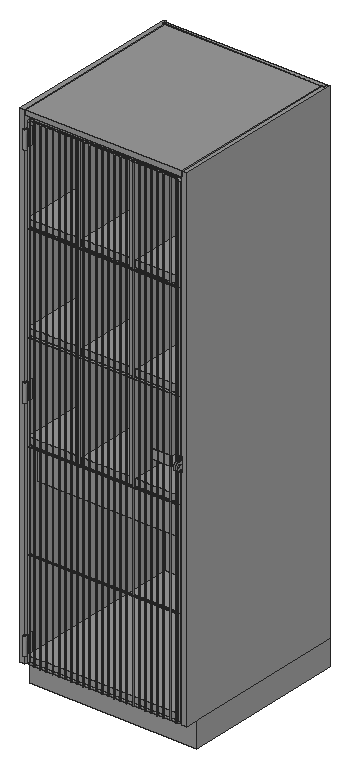
Revit family "TMI_M3012-Music_Wire Grille Doors1", category Casework, Revit 2016
Family settings
  OmniClass Number = 23.40.35.14.11
  OmniClass Title = Modular Casework
  Work Plane-Based = No
  Always vertical = Yes
  Cut with Voids When Loaded = No
  Shared = No
  Room Calculation Point = No
Parameters (values of type "27" x 84-1/2" x 29"")
  URL = "www.tmisystems.com"
  Toe Kick Height = 4"
  Toe Kick Depth = 2"
  Shelf Thickness = 1 1/8"
  Model = "M3012/M5012"
  Manufacturer = "TMI Systems Corporation"
  Interior Finish = none
  Individual Wire Grille Doors [instance] = not(Full Height Wire Grille Door)  # no
  Full Height Wire Grille Door [instance] = yes
  Filler Width (Hinge) [instance] = 3"
  Filler (Pull Side) [instance] = no
  Filler (Hinge Side) [instance] = no
  Filler Width (Pull) [instance] = 3"
  Description = "Clarinet, Flute, Oboe, Piccolo *Top* Alto Horn, French Horn, Share Drum *Bottom*"
  Depth = 29"
  Height = 84 1/2"
  Width = 27"
  Casework Thickness = 3/4"
  Casework Back Thickness = 1/2"
  Cabinet Finish = Plastic Laminate
  Assembly Code = ""
Reference planes (in)
  plane 1 "Back": y = 15
  plane 2: z = 0
  plane 3 "Center (Left/Right)": x = 0.7377
  plane 4 "Left": x = -12.7623
  plane 5 "Right": x = 14.2377
  plane 6 "Front": y = -14
  plane 7 "Top": z = 84.5
  plane 8: y = 14.375
  plane 9: x = -12.0123
  plane 10: x = 13.4877
  plane 11: z = 83.75
  plane 12: y = 14.875
  plane 13: y = -12
  plane 14: z = 4
  plane 15: z = 5.125
  plane 16: y = -13.61906
  plane 17: z = 68.625
  plane 18: z = 52.75
  plane 19: y = -11.25
  plane 20: y = -13.25
  plane 21: x = -4.0123
  plane 22: x = -3.2623
  plane 23: x = -3.6373
  plane 24: x = 5.4877
  plane 25: x = 4.7377
  plane 26: x = 5.1127
  plane 27: z = 36.875
  plane 28: z = 21
  plane 29: y = -13.49461
  plane 30: z = 83.25
  plane 31: x = 13.8627
  plane 32: x = -12.3873
  plane 33: z = 29.49375
  plane 34: y = -13.60344
  plane 35: y = -11.625
  plane 36: y = -10.875
Forms (in)
  Extrusion 1, solid, material "Plastic Laminate" <- "Cabinet Finish"
    sketch origin (0, 0.21844, 0) x (1, 0, 0) y (0, 1, 0)
      loop
        line (-12.7623, 14.78156) -> (-12.7623, -14.21844) -> (-12.0123, -14.21844) -> (-12.0123, 14.15656) -> (-12.38677, 14.15656) -> (-12.38677, 14.78156) -> (-12.7623, 14.78156)
      loop
        line (13.86077, 14.78156) -> (13.86077, 14.15656) -> (13.4877, 14.15656) -> (13.4877, -14.21844) -> (14.2377, -14.21844) -> (14.2377, 14.78156) -> (13.86077, 14.78156)
    from 4 to 84.5
  Extrusion 2, solid, material "Plastic Laminate" <- "Cabinet Finish"
    sketch origin (0.84915, 11.94613, -1.44731) x (1, 0, 0) y (0, 0, 1)
      loop
        line (-12.86145, 6.57231) -> (-12.86145, 5.44731) -> (12.63855, 5.44731) -> (12.63855, 6.57231) -> (-12.86145, 6.57231)
    from -2.42887 to 25.54956
  Extrusion 3, solid, material "Plastic Laminate" <- "Cabinet Finish"
    sketch origin (0, 0, 0) x (1, 0, 0) y (0, 1, 0)
      loop
        line (-12.38677, 14.875) -> (-12.38677, 14.375) -> (13.86077, 14.375) -> (13.86077, 14.875) -> (-12.38677, 14.875)
    from 84.5 to 4
  Extrusion 4, solid, material "Plastic Laminate" <- "Cabinet Finish", visible <- "Filler (Pull Side)"
    sketch origin (0, -14, 0) x (1, 0, 0) y (0, 0, 1)
      loop
        line (14.2377, 84.5) -> (14.2377, 4) -> (17.2377, 4) -> (17.2377, 84.5) -> (14.2377, 84.5)
    from -0.75 to 0
  Extrusion 5, solid, material "Plastic Laminate" <- "Cabinet Finish", visible <- "Filler (Hinge Side)"
    sketch origin (0, -14, 0) x (1, 0, 0) y (0, 0, 1)
      loop
        line (-15.7623, 84.5) -> (-15.7623, 4) -> (-12.7623, 4) -> (-12.7623, 84.5) -> (-15.7623, 84.5)
    from -0.75 to 0
  Extrusion 6, solid, material "Wood"
    sketch origin (0, 0, 0) x (1, 0, 0) y (0, 0, 1)
      loop
        line (14.2377, 4) -> (-12.7623, 4) -> (-12.7623, 0) -> (14.2377, 0) -> (14.2377, 4)
    from -15 to 12
  Extrusion 7, solid, material "Wood", visible <- "Filler (Pull Side)"
    sketch origin (0, 0, 0) x (1, 0, 0) y (0, 0, 1)
      loop
        line (17.2377, 4) -> (14.2377, 4) -> (14.2377, 0) -> (17.2377, 0) -> (17.2377, 4)
    from 11.25 to 12
  Extrusion 8, solid, material "Wood", visible <- "Filler (Hinge Side)"
    sketch origin (0, 0, 0) x (1, 0, 0) y (0, 0, 1)
      loop
        line (-12.7623, 4) -> (-15.7623, 4) -> (-15.7623, 0) -> (-12.7623, 0) -> (-12.7623, 4)
    from 11.25 to 12
  Extrusion 9, solid, material "Plastic Laminate" <- "Cabinet Finish", visible <- "Full Height Wire Grille Door"
    sketch origin (-6, -14, 0) x (1, 0, 0) y (0, 0, 1)
      loop
        line (1.9877, 83.75) -> (1.9877, 35.75) -> (2.7377, 35.75) -> (2.7377, 83.75) -> (1.9877, 83.75)
    from -28.375 to -0.38094
  Extrusion 10, solid, material "Plastic Laminate" <- "Cabinet Finish"
    sketch origin (0, -14, 0) x (1, 0, 0) y (0, 0, 1)
      loop
        line (-12.0123, 68.625) -> (-12.0123, 67.5) -> (13.4877, 67.5) -> (13.4877, 68.625) -> (-12.0123, 68.625)
      loop
        line (-12.0123, 52.75) -> (-12.0123, 51.625) -> (13.4877, 51.625) -> (13.4877, 52.75) -> (-12.0123, 52.75)
      loop
        line (-12.0123, 36.875) -> (-12.0123, 35.75) -> (13.4877, 35.75) -> (13.4877, 36.875) -> (-12.0123, 36.875)
    from -28.375 to -0.50539
  Extrusion 11, solid, material "Plastic Laminate" <- "Cabinet Finish", visible <- "Full Height Wire Grille Door"
    sketch origin (67.5, -14, 0) x (1, 0, 0) y (0, 0, 1)
      loop
        line (-62.7623, 83.75) -> (-62.7623, 35.75) -> (-62.0123, 35.75) -> (-62.0123, 83.75) -> (-62.7623, 83.75)
    from -28.375 to -0.38094
  Extrusion 12, solid, material "Plastic Laminate" <- "Cabinet Finish"
    sketch origin (0, 15, 0) x (1, 0, 0) y (0, 0, 1)
      loop
        line (-12.0123, 84.5) -> (-12.0123, 83.75) -> (13.4877, 83.75) -> (13.4877, 84.5) -> (-12.0123, 84.5)
    from 0.625 to 29
  Extrusion 13, solid, material "Plastic Laminate" <- "Cabinet Finish", visible <- "Individual Wire Grille Doors"
    sketch origin (34, -14, 0) x (1, 0, 0) y (0, 0, 1)
      loop
        line (-38.0123, 83.75) -> (-38.0123, 35.75) -> (-37.2623, 35.75) -> (-37.2623, 83.75) -> (-38.0123, 83.75)
    from -28.375 to 0
  Extrusion 14, solid, material "Plastic Laminate" <- "Cabinet Finish", visible <- "Individual Wire Grille Doors"
    sketch origin (107.5, -14, 0) x (1, 0, 0) y (0, 0, 1)
      loop
        line (-102.7623, 83.75) -> (-102.7623, 35.75) -> (-102.0123, 35.75) -> (-102.0123, 83.75) -> (-102.7623, 83.75)
    from -28.375 to 0
  Extrusion 15, solid, material "Plastic Laminate" <- "Cabinet Finish"
    sketch origin (0, 0, 0) x (1, 0, 0) y (0, 1, 0)
      loop
        line (13.4877, -10.875) -> (-12.0123, -10.875) -> (-12.0123, -11.625) -> (13.4877, -11.625) -> (13.4877, -10.875)
    from 29.49375 to 35.75
Lines and regions (in)
  Masking region 1
    outline origin (44.5, 0, 0) x (1, 0, 0) y (0, 1, 0)
      loop
        line (-57.2623, 15) -> (-57.2623, -14) -> (-30.2623, -14) -> (-30.2623, 15) -> (-57.2623, 15)
  Masking region 2, visible <- "Filler (Hinge Side)"
    outline origin (0, 0, 0) x (1, 0, 0) y (0, 1, 0)
      loop
        line (-15.7623, -13.25) -> (-15.7623, -14) -> (-12.7623, -14) -> (-12.7623, -13.25) -> (-15.7623, -13.25)
  Masking region 3, visible <- "Filler (Pull Side)"
    outline origin (0, 0, 0) x (1, 0, 0) y (0, 1, 0)
      loop
        line (14.2377, -13.25) -> (14.2377, -14) -> (17.2377, -14) -> (17.2377, -13.25) -> (14.2377, -13.25)
  symbolic lines, style "CaseworkHiddenLines"
    curve 1: line (-4.8248, -14, 0) -> (-4.9498, -14, 0)
    curve 2: line (4.1752, -14, 0) -> (4.0502, -14, 0)
    curve 3: line (6.3002, -14, 0) -> (6.4252, -14, 0)
Dimensions and locks (in)
  "Width": plane 4 "Left" to plane 5 "Right"
  equal spacing: plane 4 "Left", plane 3 "Center (Left/Right)", plane 5 "Right"
  "Casework Thickness": plane 4 "Left" to plane 9
  "Casework Thickness": plane 10 to plane 5 "Right"
  "Casework Thickness": plane 7 "Top" to plane 11
  "Filler Width (Pull)": plane 5 "Right" to Extrusion 4
  "Filler Width (Hinge)": Extrusion 5 to plane 4 "Left"
  "Depth": plane 6 "Front" to plane 1 "Back"
  locked: plane 12 to plane 1 "Back" at 0.125
  "Toe Kick Depth": plane 13 to plane 6 "Front"
  "Toe Kick Height": plane 14 to level
  "Height": plane 7 "Top" to level
  locked: plane 6 "Front" to plane 16 at 0.38094
  locked: plane 6 "Front" to plane 20 at 0.75
  locked: plane 19 to plane 13 at 0.75
  equal spacing: plane 22, plane 23, plane 21
  "Casework Thickness": plane 22 to plane 21
  equal spacing: plane 25, plane 26, plane 24
  "Casework Thickness": plane 25 to plane 24
  plane 16 to plane 29 = 0.12445"
  locked: plane 11 to plane 30 at 0.5
  equal spacing: plane 32, plane 23, plane 26, plane 31
  equal spacing: plane 4 "Left", plane 32, plane 9
  equal spacing: plane 10, plane 31, plane 5 "Right"
  "Casework Back Thickness": plane 12 to plane 8
  "Shelf Thickness": plane 17 to Extrusion 10
  "Shelf Thickness": plane 18 to Extrusion 10
  "Shelf Thickness": plane 27 to Extrusion 10
  Extrusion 15 sketch curve to plane 29 = 2.61961"
  "Shelf Thickness": plane 15 to plane 14
  equal spacing: plane 7 "Top", plane 17, plane 18, plane 27, plane 28, plane 15
  locked: Extrusion 15 to plane 33 at 6.25625
  locked: plane 16 to plane 34 at 0.01562
  plane 6 "Front" to plane 35 to plane 36 = 2 3/8" locked, 3/4" locked
  aligned and locked: plane 2 to level
  aligned and locked: Extrusion 1 sketch curve to plane 4 "Left"
  aligned and locked: Extrusion 1 sketch curve to plane 9
  aligned and locked: Extrusion 1 sketch curve to plane 10
  aligned and locked: Extrusion 1 sketch curve to plane 5 "Right"
  aligned and locked: Extrusion 1 to plane 1 "Back"  (x2)
  aligned and locked: plane 8 to Extrusion 3 sketch curve
  aligned and locked: Extrusion 1 to plane 7 "Top"
  aligned and locked: plane 7 "Top" to Extrusion 4 sketch curve
  aligned and locked: Extrusion 4 sketch curve to plane 5 "Right"
  aligned and locked: plane 7 "Top" to Extrusion 5 sketch curve
  aligned and locked: Extrusion 7 to Extrusion 6
  aligned and locked: Extrusion 8 to Extrusion 6
  aligned and locked: plane 14 to Extrusion 8
  aligned and locked: plane 14 to Extrusion 6
  aligned and locked: plane 14 to Extrusion 7
  aligned and locked: Extrusion 4 to plane 14
  aligned and locked: Extrusion 5 to plane 14
  aligned and locked: Extrusion 1 to plane 14
  aligned and locked: Extrusion 2 to plane 14
  aligned and locked: plane 15 to Extrusion 2
  aligned and locked: Extrusion 6 to Extrusion 1
  aligned and locked: plane 1 "Back" to Masking region 1 sketch curve
  aligned and locked: Extrusion 8 to plane 13
  aligned and locked: plane 11 to Extrusion 9 sketch curve
  aligned and locked: plane 9 to Extrusion 10 sketch curve  (x3)
  aligned and locked: plane 10 to Extrusion 10 sketch curve
  aligned and locked: Extrusion 10 sketch curve to plane 10  (x2)
  aligned and locked: plane 8 to Extrusion 10
  aligned and locked: plane 4 "Left" to Masking region 2 sketch curve
  aligned and locked: Masking region 3 sketch curve to plane 5 "Right"
  aligned and locked: Extrusion 10 to plane 17  (x2)
  aligned and locked: plane 18 to Extrusion 10  (x2)
  aligned and locked: plane 6 "Front" to Extrusion 1  (x2)
  aligned and locked: plane 6 "Front" to Extrusion 4
  aligned and locked: plane 6 "Front" to Extrusion 5
  aligned and locked: Extrusion 7 to plane 19
  aligned and locked: Extrusion 4 to plane 20
  aligned and locked: Extrusion 5 to plane 20
  aligned and locked: plane 19 to Extrusion 8
  aligned and locked: Extrusion 8 to Extrusion 5
  aligned and locked: Masking region 2 to Extrusion 5
  aligned and locked: Masking region 2 to plane 20
  aligned and locked: Extrusion 4 to Extrusion 7
  aligned and locked: Masking region 3 to Extrusion 4
  aligned and locked: Masking region 3 to plane 20
  aligned and locked: Extrusion 10 to plane 27
  aligned and locked: Extrusion 2 to plane 9
  aligned and locked: Extrusion 10 to plane 29
  aligned and locked: plane 16 to Extrusion 11
  aligned and locked: Extrusion 2 to plane 10
  aligned and locked: plane 8 to Extrusion 11
  aligned and locked: Extrusion 12 sketch curve to plane 11
  aligned and locked: plane 9 to Extrusion 12 sketch curve
  aligned and locked: Extrusion 12 sketch curve to plane 10
  aligned and locked: plane 6 "Front" to Extrusion 12
  aligned and locked: Extrusion 11 to plane 25
  aligned and locked: Extrusion 11 to plane 24
  aligned and locked: plane 9 to Extrusion 1
  aligned and locked: plane 6 "Front" to Masking region 1
  aligned and locked: plane 9 to nested 3
  aligned and locked: plane 9 to nested 6
  aligned and locked: nested 2 to plane 22
  aligned and locked: nested 1 to plane 24
  aligned and locked: nested 5 to plane 22
  aligned and locked: nested 4 to plane 24
  aligned and locked: plane 9 to nested 9
  aligned and locked: nested 8 to plane 22
  aligned and locked: nested 7 to plane 24
  aligned and locked: nested 1 to plane 6 "Front"
  aligned and locked: nested 7 to plane 6 "Front"
  aligned and locked: nested 4 to plane 6 "Front"
  aligned and locked: nested 8 to plane 6 "Front"
  aligned and locked: nested 5 to plane 6 "Front"
  aligned and locked: nested 2 to plane 6 "Front"
  aligned and locked: nested 9 to plane 6 "Front"
  aligned and locked: nested 6 to plane 6 "Front"
  aligned and locked: nested 3 to plane 6 "Front"
  aligned and locked: Extrusion 12 to plane 7 "Top"
  aligned and locked: plane 8 to Extrusion 12
  aligned and locked: Extrusion 3 to Extrusion 1  (x2)
  aligned and locked: plane 8 to Extrusion 2
  aligned and locked: Extrusion 3 to plane 14
  aligned and locked: Extrusion 10 to nested 1
  aligned and locked: Extrusion 10 to nested 4
  aligned and locked: Extrusion 10 to nested 2
  aligned and locked: Extrusion 10 to nested 5
  aligned and locked: Extrusion 10 to nested 6
  aligned and locked: Extrusion 10 to nested 3
  aligned and locked: nested 10 to plane 6 "Front"
  aligned and locked: plane 9 to nested 10
  aligned and locked: Extrusion 3 to plane 7 "Top"
  aligned and locked: plane 6 "Front" to Extrusion 13
  aligned and locked: plane 6 "Front" to Extrusion 14
  aligned and locked: Extrusion 13 to plane 21
  aligned and locked: plane 8 to Extrusion 13
  aligned and locked: plane 8 to Extrusion 14
  aligned and locked: Extrusion 14 to plane 25
  aligned and locked: Extrusion 14 to plane 11  (x2)
  aligned and locked: Extrusion 13 to plane 22
  aligned and locked: Extrusion 14 to plane 24
  aligned and locked: plane 30 to nested 7
  aligned and locked: plane 30 to nested 9
  aligned and locked: plane 30 to nested 8
  aligned and locked: Extrusion 15 sketch curve to plane 9
  aligned and locked: Extrusion 15 sketch curve to plane 10
  aligned and locked: nested 11 to plane 6 "Front"
  aligned and locked: plane 9 to nested 11
  aligned and locked: plane 8 to Extrusion 9
  aligned and locked: nested 11 to plane 14
  aligned and locked: nested 10 to plane 14
  aligned and locked: plane 30 to nested 10
  aligned and locked: plane 34 to Extrusion 2
  aligned and locked: Extrusion 15 to plane 36
  aligned and locked: Extrusion 15 to plane 35
Automatic sketch dimensions
  curve 1 to level = 0"
  curve 2 to level = 0"
  curve 3 to level = 0"
  curve 1 to plane 21 = 15/16"
  curve 1 to curve 1 = 1/8"
  curve 2 to plane 25 = 11/16"
  curve 2 to curve 2 = 1/8"
  curve 3 to plane 24 = 13/16"
  curve 3 to curve 3 = 1/8"
  plane 1 "Back" to Extrusion 1 sketch curve = 0"  (x2)
  Extrusion 1 sketch curve to plane 8 = 0"  (x2)
  plane 6 "Front" to Extrusion 1 sketch curve = 0"  (x2)
  Extrusion 1 sketch curve to plane 32 = 0.00052"
  plane 31 to Extrusion 1 sketch curve = 0.00194"
  Extrusion 2 sketch curve to plane 9 = 0"
  plane 10 to Extrusion 2 sketch curve = 0"
  Extrusion 2 sketch curve to plane 14 = 0"
  Extrusion 2 sketch curve to plane 15 = 0"
  Extrusion 3 sketch curve to plane 12 = 0"
  Extrusion 3 sketch curve to plane 32 = 0.00052"
  plane 31 to Extrusion 3 sketch curve = 0.00194"
  Extrusion 4 sketch curve to plane 14 = 0"
  Extrusion 4 sketch curve to plane 5 "Right" = 3"
  Extrusion 5 sketch curve to plane 14 = 0"
  plane 4 "Left" to Extrusion 5 sketch curve = 0"
  Extrusion 5 sketch curve to Extrusion 5 sketch curve = 3"
  plane 4 "Left" to Extrusion 6 sketch curve = 0"
  Extrusion 6 sketch curve to level = 0"
  plane 5 "Right" to Extrusion 6 sketch curve = 0"
  Extrusion 6 sketch curve to plane 14 = 0"
  plane 5 "Right" to Extrusion 7 sketch curve = 0"
  Extrusion 7 sketch curve to level = 0"
  Extrusion 7 sketch curve to plane 14 = 0"
  Extrusion 7 sketch curve to plane 5 "Right" = 3"
  Extrusion 8 sketch curve to plane 14 = 0"
  Extrusion 8 sketch curve to level = 0"
  plane 4 "Left" to Extrusion 8 sketch curve = 0"
  Extrusion 8 sketch curve to Extrusion 8 sketch curve = 3"
  Masking region 1 sketch curve to plane 4 "Left" = 0"
  Masking region 1 sketch curve to plane 5 "Right" = 0"
  plane 6 "Front" to Masking region 1 sketch curve = 0"
  Extrusion 9 sketch curve to plane 21 = 0"
  plane 22 to Extrusion 9 sketch curve = 0"
  Extrusion 10 sketch curve to plane 27 = 0"
  Extrusion 10 sketch curve to plane 18 = 0"
  Extrusion 10 sketch curve to plane 17 = 0"
  plane 6 "Front" to Masking region 2 sketch curve = 0"
  plane 20 to Masking region 2 sketch curve = 0"
  plane 4 "Left" to Masking region 2 sketch curve = 3"
  plane 6 "Front" to Masking region 3 sketch curve = 0"
  plane 20 to Masking region 3 sketch curve = 0"
  Masking region 3 sketch curve to Masking region 3 sketch curve = 3"
  plane 15 to Extrusion 11 sketch curve = 30 5/8"
  Extrusion 11 sketch curve to plane 25 = 0"
  plane 24 to Extrusion 11 sketch curve = 0"
  Extrusion 11 sketch curve to plane 11 = 0"
  Extrusion 12 sketch curve to plane 7 "Top" = 0"
  plane 15 to Extrusion 13 sketch curve = 30 5/8"
  Extrusion 13 sketch curve to plane 11 = 0"
  plane 5 "Right" to Extrusion 13 sketch curve = 18 1/4"
  Extrusion 13 sketch curve to Extrusion 13 sketch curve = 3/4"
  plane 15 to Extrusion 14 sketch curve = 30 5/8"
  Extrusion 14 sketch curve to plane 11 = 0"
  plane 5 "Right" to Extrusion 14 sketch curve = 9 1/2"
  Extrusion 14 sketch curve to Extrusion 14 sketch curve = 3/4"
  Extrusion 10 sketch curve to Extrusion 10 sketch curve = 1 1/8"
  Extrusion 10 sketch curve to plane 18 = 1 1/8"
  plane 17 to Extrusion 10 sketch curve = 1 1/8"
  plane 15 to Extrusion 9 sketch curve = 30 5/8"
  plane 29 to Extrusion 15 sketch curve = 1.86961"
Nested families (in)
  nested 1: "Individual Wire Grille Doors 27in Wide" at (9.48685, -13.76369, 35.75), visible <- "Individual Wire Grille Doors", type "Individual Wire Grille Doors 27in Wide"
    with Number of Verticle Bars 6, Bar Spacing 1"
  nested 2: "Individual Wire Grille Doors 27in Wide" at (0.73685, -13.76369, 35.75), visible <- "Individual Wire Grille Doors", type "Individual Wire Grille Doors 27in Wide"
    with Number of Verticle Bars 6, Bar Spacing 1"
  nested 3: "Individual Wire Grille Doors 27in Wide" at (-8.01315, -13.76369, 35.75), visible <- "Individual Wire Grille Doors", type "Individual Wire Grille Doors 27in Wide"
    with Number of Verticle Bars 6, Bar Spacing 1"
  nested 4: "Individual Wire Grille Doors 27in Wide" at (9.48685, -13.76369, 51.625), visible <- "Individual Wire Grille Doors", type "Individual Wire Grille Doors 27in Wide"
    with Number of Verticle Bars 6, Bar Spacing 1"
  nested 5: "Individual Wire Grille Doors 27in Wide" at (0.73685, -13.76369, 51.625), visible <- "Individual Wire Grille Doors", type "Individual Wire Grille Doors 27in Wide"
    with Number of Verticle Bars 6, Bar Spacing 1"
  nested 6: "Individual Wire Grille Doors 27in Wide" at (-8.01315, -13.76369, 51.625), visible <- "Individual Wire Grille Doors", type "Individual Wire Grille Doors 27in Wide"
    with Number of Verticle Bars 6, Bar Spacing 1"
  nested 7: "Individual Wire Grille Doors 27in Wide" at (9.48685, -13.76369, 67.625), visible <- "Individual Wire Grille Doors", type "Individual Wire Grille Doors 27in Wide"
    with Number of Verticle Bars 6, Bar Spacing 1"
  nested 8: "Individual Wire Grille Doors 27in Wide" at (0.73685, -13.76369, 67.625), visible <- "Individual Wire Grille Doors", type "Individual Wire Grille Doors 27in Wide"
    with Number of Verticle Bars 6, Bar Spacing 1"
  nested 9: "Individual Wire Grille Doors 27in Wide" at (-8.01315, -13.76369, 67.625), visible <- "Individual Wire Grille Doors", type "Individual Wire Grille Doors 27in Wide"
    with Number of Verticle Bars 6, Bar Spacing 1"
  nested 10: "Full Height Wire Grille Door 27in Wide" at (0.73685, -13.76369, 4), visible <- "Full Height Wire Grille Door", type "Full Height Wire Grille Door 27in Wide"
    with Number of Verticle Bars 24, Bar Spacing 1"
  nested 11: "Individual Wire Grille Door 27in Wide (at bottom)" at (0.73685, -13.76369, 4), visible <- "Individual Wire Grille Doors", type "Individual Wire Grille Door 27in Wide (at bottom)"
    with Number of Verticle Bars 24, Bar Spacing 1"
Definition of nested family "Individual Wire Grille Doors 27in Wide"
  Parameters (values of type "Individual Wire Grille Doors 27in Wide")
    Width = 7"
    Pull height from Bottom of Casework = 33 13/16"
    Number of Verticle Bars [instance] = (Width / Bar Spacing) - 1  # 6
    Height = 15 5/8"
    Distance of Hinge from Edge of Casework = 2 13/16"
    Bar Spacing [instance] = 1"
  Reference planes (in)
    plane 1 "Center (Front/Back)": y = 0
    plane 2: z = 0
    plane 3 "Center (Left/Right)": x = 0
    plane 4: x = -3.62415
    plane 5: x = -3.37585
    plane 6: z = 15.625
    plane 7: z = 15.375
    plane 8: z = 15.5
    plane 9: x = -3.5
    plane 10: x = 3.63138
    plane 11: x = 3.36862
    plane 12: x = 3.5
    plane 13: z = 0.25
    plane 14: z = 0.125
    plane 15: y = -0.125
    plane 16: z = 7.8125
    plane 17: y = -0.17188
    plane 18: x = -2.5
    plane 19: y = 0.28516
    plane 20: x = 4.00638
    plane 21: y = -0.23631
    plane 22: z = 2.8125
    plane 23: z = 12.8125
    plane 24: z = 8.93853
    plane 25: z = 7.8125
  Forms (in)
    Sweep 1, solid
      path origin (0, 0, 0) x (1, 0, 0) y (0, 0, 1)
        loop
          arc (-3.25, 15.5) -> (-3.42678, 15.42678) -> (-3.5, 15.25) r 0.25
          line (-3.5, 15.25) -> (-3.5, 0.375)
          arc (-3.5, 0.375) -> (-3.42678, 0.19822) -> (-3.25, 0.125) r 0.25
          line (-3.25, 0.125) -> (3.25, 0.125)
          arc (3.25, 0.125) -> (3.42678, 0.19822) -> (3.5, 0.375) r 0.25
          line (3.5, 0.375) -> (3.5, 15.25)
          arc (3.5, 15.25) -> (3.42678, 15.42678) -> (3.25, 15.5) r 0.25
          line (3.25, 15.5) -> (-3.25, 15.5)
      profile "4 Circle : 4 Circle" origin (0, 0, 15.5) x (0, 0, 1) y (0, -1, 0)
        loop
          circle (0, 0) r 0.125
    Extrusion 2, solid
      sketch origin (0, 0, 0) x (0, 1, 0) y (0, 0, 1)
        loop
          circle (0, 7.8125) r 0.125
      from -3.5 to 3.5
    Extrusion 3, solid
      sketch origin (0.0625, 0, 0) x (1, 0, 0) y (0, 1, 0)
        loop
          circle (-2.5625, -0.17188) r 0.0625
      from 0 to 15.625
    Extrusion 4, solid
      sketch origin (1.0625, 0, 0) x (1, 0, 0) y (0, 1, 0)
        loop
          circle (-2.5625, -0.17188) r 0.0625
      from 0 to 15.625
    Extrusion 5, solid
      sketch origin (2.0625, 0, 0) x (1, 0, 0) y (0, 1, 0)
        loop
          circle (-2.5625, -0.17188) r 0.0625
      from 0 to 15.625
    Extrusion 6, solid
      sketch origin (3.0625, 0, 0) x (1, 0, 0) y (0, 1, 0)
        loop
          circle (-2.5625, -0.17188) r 0.0625
      from 0 to 15.625
    Extrusion 7, solid
      sketch origin (4.0625, 0, 0) x (1, 0, 0) y (0, 1, 0)
        loop
          circle (-2.5625, -0.17188) r 0.0625
      from 0 to 15.625
    Extrusion 8, solid
      sketch origin (5.0625, 0, 0) x (1, 0, 0) y (0, 1, 0)
        loop
          circle (-2.5625, -0.17188) r 0.0625
      from 0 to 15.625
    Extrusion 9, solid
      sketch origin (0, 0, 0) x (1, 0, 0) y (0, 0, 1)
        loop
          line (-0.80612, 8.5625) -> (-0.80612, 7.0625) -> (2.38138, 7.0625) -> (2.38138, 8.5625) -> (-0.80612, 8.5625)
      from 0.23631 to 0.33984
  Lines and regions (in)
    model lines
      curve 1: line (3.5, 0, 15.5) -> (-3.5, 0, 7.8125)
      curve 2: line (-3.5, 0, 7.8125) -> (3.5, 0, 0.125)
  Dimensions and locks (in)
    locked: plane 6 to plane 7 at 0.25
    equal spacing: plane 6, plane 8, plane 7
    equal spacing: plane 4, plane 9, plane 5
    locked: plane 4 to plane 5 at 0.24829
    equal spacing: plane 10, plane 12, plane 11
    plane 10 to plane 11 = 0.26276"
    equal spacing: plane 13, plane 14, plane 2
    locked: plane 13 to plane 2 at 0.25
    equal spacing: plane 12, plane 3 "Center (Left/Right)", plane 9
    locked: plane 15 to plane 1 "Center (Front/Back)" at 0.125
    "Width": plane 12 to plane 9
    "Height": plane 6 to plane 2
    plane 8 to plane 14 = 15 3/8"
    "Bar Spacing": plane 9 to plane 18
    locked: plane 15 to plane 17 at 0.04688
    plane 1 "Center (Front/Back)" to plane 19 = 73/256"
    locked: plane 10 to plane 20 at 0.375
    locked: plane 17 to plane 21 at 0.06444
    "Distance of Hinge from Edge of Casework": plane 6 to plane 23
    "Distance of Hinge from Edge of Casework": plane 22 to plane 2
    locked: plane 24 to plane 16 at 1.12603
    equal spacing: group 1, group 2, group 3, group 4, group 5, group 6  (x3)
    equal spacing: plane 6, plane 16, level
    locked: Extrusion 9 sketch curve to Extrusion 9 sketch curve at 3.1875
    locked: Extrusion 9 sketch curve to nested 1 at 1.25
    equal spacing: Extrusion 9 sketch curve, plane 25, Extrusion 9 sketch curve
    locked: Extrusion 9 sketch curve to Extrusion 9 sketch curve at 1.5
    aligned and locked: plane 12 to Sweep 1 sketch curve
    aligned and locked: Sweep 1 sketch curve to plane 8
    aligned and locked: plane 9 to Sweep 1 sketch curve
    aligned and locked: plane 14 to Sweep 1 sketch curve
    aligned and locked: nested 1 to plane 10
    aligned and locked: plane 19 to nested 1
    aligned and locked: plane 19 to nested 2
    aligned and locked: plane 10 to nested 1
    aligned and locked: nested 3 to plane 4
    aligned and locked: nested 3 to plane 21
    aligned and locked: nested 3 to plane 23
    aligned and locked: nested 4 to plane 4
    aligned and locked: nested 4 to plane 21
    aligned and locked: nested 4 to plane 22
    aligned and locked: Extrusion 2 to plane 9
    aligned and locked: Extrusion 2 to plane 12
    aligned and locked: Extrusion 3 to plane 2
    aligned and locked: plane 20 to nested 2
    aligned and locked: plane 17 to Extrusion 3
    aligned and locked: nested 2 to plane 24
    aligned and locked: nested 1 to plane 24
    aligned and locked: plane 6 to Extrusion 3
    aligned and locked: plane 16 to plane 25
    aligned and locked: plane 21 to Extrusion 9
    aligned and locked: nested 1 to Extrusion 9
  Automatic sketch dimensions
    plane 5 to Sweep 1 sketch curve = 0.12585"
    Sweep 1 sketch curve to Sweep 1 sketch curve = 1/4"  (x2)
    plane 11 to Sweep 1 sketch curve = 0.11862"
    Extrusion 2 sketch curve to plane 1 "Center (Front/Back)" = 0"
    Extrusion 2 sketch curve to plane 16 = 0"
    curve 2 to plane 9 = 0"
    plane 12 to curve 2 = 0"
    curve 1 to plane 8 = 0"
    plane 12 to curve 1 = 0"
    curve 2 to plane 14 = 0"
    curve 2 to plane 16 = 0"
    radius of Extrusion 2 sketch curve = 1/8"
    radius of Extrusion 3 sketch curve = 1/16"
    radius of Extrusion 4 sketch curve = 1/16"
    radius of Extrusion 5 sketch curve = 1/16"
    radius of Extrusion 6 sketch curve = 1/16"
    radius of Extrusion 7 sketch curve = 1/16"
    radius of Extrusion 8 sketch curve = 1/16"
  Nested families (in)
    nested 1: "Pad Lock" at (3.63138, -0.33984, 7.81353), type "Pad Lock"
    nested 2: "Pad Lock" at (3.94388, -0.33984, 7.81353), type "Pad Lock"
    nested 3: "5k hinge (music)" at (-3.8429, 0.76369, 11.40625) x (-1, 0, 0) z (0, 0, 1), type "5k hinge (music)"
      with Width 16"
    nested 4: "5k hinge (music)" at (-3.8429, 0.76369, 1.40625) x (-1, 0, 0) z (0, 0, 1), type "5k hinge (music)"
      with Width 16"
  Definition of nested family "Pad Lock"
    Reference planes (in)
      plane 1 "Center (Front/Back)": y = 0
      plane 2: z = 0
      plane 3 "Center (Left/Right)": x = 0
      plane 4: z = 1.125
      plane 5: z = -1.125
      plane 6: y = -1.125
      plane 7: y = 0.625
      plane 8: y = -0.5625
      plane 9: x = 0.0625
    Forms (in)
      Extrusion 1, solid
        sketch origin (0, 0.00036, 0.01611) x (0, 0, 1) y (0, -1, 0)
          loop
            line (0.98389, 0) -> (0.56967, 0) -> (0.56967, 0.56286)
            arc (0.56967, 0.56286) -> (0, 1.13253) -> (-0.56967, 0.56286) r 0.56967
            line (-0.56967, 0.56286) -> (-0.56967, 0) -> (-1.01611, 0)
            arc (-1.01611, 0) -> (-1.1045, -0.03661) -> (-1.14111, -0.125) r 0.125
            line (-1.14111, -0.125) -> (-1.14111, -0.62464) -> (1.10889, -0.62464) -> (1.10889, -0.125)
            arc (1.10889, -0.125) -> (1.07227, -0.03661) -> (0.98389, 0) r 0.125
          loop
            circle (0, 0.56286) r 0.375
        from 0 to 0.0625
    Dimensions and locks (in)
      locked: plane 4 to plane 5 at 2.25
      locked: plane 6 to plane 7 at 1.75
      locked: plane 9 to plane 3 "Center (Left/Right)" at 0.0625
      equal spacing: plane 1 "Center (Front/Back)", plane 8, plane 6
      locked: plane 7 to plane 1 "Center (Front/Back)" at 0.625
      equal spacing: plane 5, plane 2, plane 4
      aligned and locked: plane 2 to level
      aligned and locked: plane 9 to Extrusion 1
    Automatic sketch dimensions
      Extrusion 1 sketch curve to Extrusion 1 sketch curve = 0"  (x2)
      Extrusion 1 sketch curve to plane 5 = 0"
      Extrusion 1 sketch curve to plane 8 = 0"
      plane 4 to Extrusion 1 sketch curve = 0"
      Extrusion 1 sketch curve to plane 7 = 0"
      Extrusion 1 sketch curve to plane 1 "Center (Front/Back)" = 0.00036"
      plane 5 to Extrusion 1 sketch curve = 1/8"
      Extrusion 1 sketch curve to level = 0.55355"
      level to Extrusion 1 sketch curve = 0.01611"
      Extrusion 1 sketch curve to Extrusion 1 sketch curve = 1/8"
      Extrusion 1 sketch curve to plane 1 "Center (Front/Back)" = 0.12536"
      radius of Extrusion 1 sketch curve = 3/8"
  Definition of nested family "5k hinge (music)"
    Parameters (values of type "5k hinge (music)")
      door thickness = 1"
      Width [instance] = 16"
      Hinge Distance from Door = 9/16"
      5K hinge size = 2 13/16"
    Reference planes (in)
      plane 1 "Center (Front/Back)": y = 0
      plane 2: z = 0
      plane 3 "Center (Left/Right)": x = 0
      plane 4: x = -0.15625
      plane 5: y = -1
      plane 6: y = -0.5
      plane 7: y = -1.5625
      plane 8: y = -1.28125
      plane 9: x = 0.15625
      plane 10: z = 2.8125
      plane 11: z = 1.40625
      plane 12: x = -0.21875
    Forms (in)
      Extrusion 1, solid
        sketch origin (-8.15625, 0, 0) x (1, 0, 0) y (0, 1, 0)
          loop
            line (8.15625, -1) -> (8.15625, -1.04949)
            arc (8.15625, -1.04949) -> (7.85521, -1.421) -> (8.3125, -1.28125) r 0.25
            line (8.3125, -1.28125) -> (8.3125, 0) -> (8.15625, 0) -> (7.9375, 0) -> (7.9375, -1) -> (8.15625, -1)
        from 0 to 2.8125
    Dimensions and locks (in)
      equal spacing: plane 1 "Center (Front/Back)", plane 6, plane 5
      "Hinge Distance from Door": plane 5 to plane 7
      equal spacing: plane 5, plane 8, plane 7
      "5K hinge size": plane 10 to plane 2
      "door thickness": plane 1 "Center (Front/Back)" to plane 5
      equal spacing: plane 10, plane 11, plane 2
      equal spacing: plane 4, plane 3 "Center (Left/Right)", plane 9
      plane 4 to plane 9 = 5/16"
      plane 12 to plane 4 = 1/16"
      aligned and locked: plane 2 to level
      aligned and locked: plane 5 to Extrusion 1 sketch curve
      aligned and locked: Extrusion 1 to plane 10
      aligned and locked: plane 9 to Extrusion 1
      aligned and locked: Extrusion 1 to plane 2
      aligned and locked: plane 12 to Extrusion 1 sketch curve
    Automatic sketch dimensions
      Extrusion 1 sketch curve to plane 8 = 0"
      plane 1 "Center (Front/Back)" to Extrusion 1 sketch curve = 0"
      Extrusion 1 sketch curve to plane 9 = 0"
      plane 4 to Extrusion 1 sketch curve = 1/16"
      Extrusion 1 sketch curve to plane 3 "Center (Left/Right)" = 0"  (x2)
Definition of nested family "Full Height Wire Grille Door 27in Wide"
  Parameters (values of type "Full Height Wire Grille Door 27in Wide")
    Width = 24 1/2"
    Pull height from Bottom of Casework = 37 13/16"
    Number of Verticle Bars [instance] = (Width / Bar Spacing) - 1  # 24
    Height = 79 1/4"
    Distance of Hinge from Edge of Casework = 2 13/16"
    Bar Spacing [instance] = 1"
  Reference planes (in)
    plane 1 "Center (Front/Back)": y = 0
    plane 2: z = 0
    plane 3 "Center (Left/Right)": x = 0
    plane 4: x = -12.37415
    plane 5: x = -12.12585
    plane 6: z = 79.25
    plane 7: z = 79
    plane 8: z = 79.125
    plane 9: x = -12.25
    plane 10: x = 12.38138
    plane 11: x = 12.11862
    plane 12: x = 12.25
    plane 13: z = 0.25
    plane 14: z = 0.125
    plane 15: y = -0.125
    plane 16: z = 39.625
    plane 17: z = 47.525
    plane 18: z = 63.325
    plane 19: z = 31.725
    plane 20: z = 15.925
    plane 21: y = -0.17188
    plane 22: x = -11.25
    plane 23: y = 0.28516
    plane 24: x = 12.75638
    plane 25: y = -0.23631
    plane 26: z = 37.8125
    plane 27: z = 2.8125
    plane 28: z = 76.4375
    plane 29: z = 38.9375
    plane 30: z = 37.8125
  Forms (in)
    Sweep 1, solid
      path origin (0, 0, 0) x (1, 0, 0) y (0, 0, 1)
        loop
          arc (-12, 79.125) -> (-12.17678, 79.05178) -> (-12.25, 78.875) r 0.25
          line (-12.25, 78.875) -> (-12.25, 0.375)
          arc (-12.25, 0.375) -> (-12.17678, 0.19822) -> (-12, 0.125) r 0.25
          line (-12, 0.125) -> (12, 0.125)
          arc (12, 0.125) -> (12.17678, 0.19822) -> (12.25, 0.375) r 0.25
          line (12.25, 0.375) -> (12.25, 78.875)
          arc (12.25, 78.875) -> (12.17678, 79.05178) -> (12, 79.125) r 0.25
          line (12, 79.125) -> (-12, 79.125)
      profile "4 Circle : 4 Circle" origin (0, 0, 79.125) x (0, 0, 1) y (0, -1, 0)
        loop
          circle (0, 0) r 0.125
    Extrusion 2, solid
      sketch origin (0, 0, 0) x (0, 1, 0) y (0, 0, 1)
        loop
          circle (0, 63.325) r 0.125
        loop
          circle (0, 47.525) r 0.125
        loop
          circle (0, 15.925) r 0.125
        loop
          circle (0, 31.725) r 0.125
      from -12.25 to 12.25
    Extrusion 3, solid
      sketch origin (-0.62456, 0, 0) x (1, 0, 0) y (0, 1, 0)
        loop
          circle (-10.62544, -0.17188) r 0.0625
      from 0 to 79.25
    Extrusion 4, solid
      sketch origin (0.37544, 0, 0) x (1, 0, 0) y (0, 1, 0)
        loop
          circle (-10.62544, -0.17188) r 0.0625
      from 0 to 79.25
    Extrusion 5, solid
      sketch origin (1.37544, 0, 0) x (1, 0, 0) y (0, 1, 0)
        loop
          circle (-10.62544, -0.17188) r 0.0625
      from 0 to 79.25
    Extrusion 6, solid
      sketch origin (2.37544, 0, 0) x (1, 0, 0) y (0, 1, 0)
        loop
          circle (-10.62544, -0.17188) r 0.0625
      from 0 to 79.25
    Extrusion 7, solid
      sketch origin (3.37544, 0, 0) x (1, 0, 0) y (0, 1, 0)
        loop
          circle (-10.62544, -0.17188) r 0.0625
      from 0 to 79.25
    Extrusion 8, solid
      sketch origin (4.37544, 0, 0) x (1, 0, 0) y (0, 1, 0)
        loop
          circle (-10.62544, -0.17188) r 0.0625
      from 0 to 79.25
    Extrusion 9, solid
      sketch origin (5.37544, 0, 0) x (1, 0, 0) y (0, 1, 0)
        loop
          circle (-10.62544, -0.17188) r 0.0625
      from 0 to 79.25
    Extrusion 10, solid
      sketch origin (6.37544, 0, 0) x (1, 0, 0) y (0, 1, 0)
        loop
          circle (-10.62544, -0.17188) r 0.0625
      from 0 to 79.25
    Extrusion 11, solid
      sketch origin (7.37544, 0, 0) x (1, 0, 0) y (0, 1, 0)
        loop
          circle (-10.62544, -0.17188) r 0.0625
      from 0 to 79.25
    Extrusion 12, solid
      sketch origin (8.37544, 0, 0) x (1, 0, 0) y (0, 1, 0)
        loop
          circle (-10.62544, -0.17188) r 0.0625
      from 0 to 79.25
    Extrusion 13, solid
      sketch origin (9.37544, 0, 0) x (1, 0, 0) y (0, 1, 0)
        loop
          circle (-10.62544, -0.17188) r 0.0625
      from 0 to 79.25
    Extrusion 14, solid
      sketch origin (10.37544, 0, 0) x (1, 0, 0) y (0, 1, 0)
        loop
          circle (-10.62544, -0.17188) r 0.0625
      from 0 to 79.25
    Extrusion 15, solid
      sketch origin (11.37544, 0, 0) x (1, 0, 0) y (0, 1, 0)
        loop
          circle (-10.62544, -0.17188) r 0.0625
      from 0 to 79.25
    Extrusion 16, solid
      sketch origin (12.37544, 0, 0) x (1, 0, 0) y (0, 1, 0)
        loop
          circle (-10.62544, -0.17188) r 0.0625
      from 0 to 79.25
    Extrusion 17, solid
      sketch origin (13.37544, 0, 0) x (1, 0, 0) y (0, 1, 0)
        loop
          circle (-10.62544, -0.17188) r 0.0625
      from 0 to 79.25
    Extrusion 18, solid
      sketch origin (14.37544, 0, 0) x (1, 0, 0) y (0, 1, 0)
        loop
          circle (-10.62544, -0.17188) r 0.0625
      from 0 to 79.25
    Extrusion 19, solid
      sketch origin (15.37544, 0, 0) x (1, 0, 0) y (0, 1, 0)
        loop
          circle (-10.62544, -0.17188) r 0.0625
      from 0 to 79.25
    Extrusion 20, solid
      sketch origin (16.37544, 0, 0) x (1, 0, 0) y (0, 1, 0)
        loop
          circle (-10.62544, -0.17188) r 0.0625
      from 0 to 79.25
    Extrusion 21, solid
      sketch origin (17.37544, 0, 0) x (1, 0, 0) y (0, 1, 0)
        loop
          circle (-10.62544, -0.17188) r 0.0625
      from 0 to 79.25
    Extrusion 22, solid
      sketch origin (18.37544, 0, 0) x (1, 0, 0) y (0, 1, 0)
        loop
          circle (-10.62544, -0.17188) r 0.0625
      from 0 to 79.25
    Extrusion 23, solid
      sketch origin (19.37544, 0, 0) x (1, 0, 0) y (0, 1, 0)
        loop
          circle (-10.62544, -0.17188) r 0.0625
      from 0 to 79.25
    Extrusion 24, solid
      sketch origin (20.37544, 0, 0) x (1, 0, 0) y (0, 1, 0)
        loop
          circle (-10.62544, -0.17188) r 0.0625
      from 0 to 79.25
    Extrusion 25, solid
      sketch origin (21.37544, 0, 0) x (1, 0, 0) y (0, 1, 0)
        loop
          circle (-10.62544, -0.17188) r 0.0625
      from 0 to 79.25
    Extrusion 26, solid
      sketch origin (22.37544, 0, 0) x (1, 0, 0) y (0, 1, 0)
        loop
          circle (-10.62544, -0.17188) r 0.0625
      from 0 to 79.25
    Extrusion 27, solid
      sketch origin (0, 0, 0) x (1, 0, 0) y (0, 0, 1)
        loop
          line (7.94388, 38.5625) -> (7.94388, 37.0625) -> (11.13138, 37.0625) -> (11.13138, 38.5625) -> (7.94388, 38.5625)
      from 0.23631 to 0.33984
  Lines and regions (in)
    model lines
      curve 1: line (12.27951, 0, 79.125) -> (-12.25002, 0, 39.625)
      curve 2: line (-12.25002, 0, 39.625) -> (12.25, 0, 0.125)
  Dimensions and locks (in)
    locked: plane 6 to plane 7 at 0.25
    equal spacing: plane 6, plane 8, plane 7
    equal spacing: plane 4, plane 9, plane 5
    locked: plane 4 to plane 5 at 0.24829
    equal spacing: plane 10, plane 12, plane 11
    plane 10 to plane 11 = 0.26276"
    equal spacing: plane 13, plane 14, plane 2
    locked: plane 13 to plane 2 at 0.25
    equal spacing: plane 12, plane 3 "Center (Left/Right)", plane 9
    locked: plane 15 to plane 1 "Center (Front/Back)" at 0.125
    "Width": plane 12 to plane 9
    "Height": plane 6 to plane 2
    plane 8 to plane 14 = 79"
    equal spacing: plane 8, plane 18, plane 17, plane 19, plane 20, plane 14
    "Bar Spacing": plane 9 to plane 22
    locked: plane 15 to plane 21 at 0.04688
    plane 1 "Center (Front/Back)" to plane 23 = 73/256"
    locked: plane 10 to plane 24 at 0.375
    locked: plane 21 to plane 25 at 0.06444
    "Pull height from Bottom of Casework": plane 26 to plane 2
    "Distance of Hinge from Edge of Casework": plane 6 to plane 28
    "Distance of Hinge from Edge of Casework": plane 27 to plane 2
    equal spacing: plane 6, plane 16, level
    locked: plane 29 to plane 26 at 1.125
    equal spacing: group 1, group 2, group 3, group 4, group 5, group 6, group 7, group 8, group 9, group 10, group 11, group 12, group 13, group 14, group 15, group 16, group 17, group 18, group 19, group 20, group 21, group 22, group 23, group 24  (x3)
    locked: Extrusion 27 sketch curve to Extrusion 27 sketch curve at 1.5
    locked: Extrusion 27 sketch curve to Extrusion 27 sketch curve at 3.1875
    equal spacing: Extrusion 27 sketch curve, plane 30, Extrusion 27 sketch curve
    locked: nested 1 to Extrusion 27 sketch curve at 1.25
    aligned and locked: plane 2 to level
    aligned and locked: Sweep 1 sketch curve to plane 12
    aligned and locked: Sweep 1 sketch curve to plane 8
    aligned and locked: plane 9 to Sweep 1 sketch curve
    aligned and locked: plane 14 to Sweep 1 sketch curve
    aligned and locked: Extrusion 2 to plane 12
    aligned and locked: Extrusion 2 to plane 9
    aligned and locked: Extrusion 3 to plane 2
    aligned and locked: nested 1 to plane 10
    aligned and locked: nested 1 to plane 23
    aligned and locked: plane 24 to nested 2
    aligned and locked: nested 2 to plane 23
    aligned and locked: plane 10 to nested 1
    aligned and locked: nested 3 to plane 4
    aligned and locked: plane 25 to nested 3
    aligned and locked: nested 3 to plane 28
    aligned and locked: nested 4 to plane 4
    aligned and locked: plane 25 to nested 4
    aligned and locked: nested 4 to plane 27
    aligned and locked: nested 5 to plane 4
    aligned and locked: nested 5 to plane 16
    aligned and locked: plane 25 to nested 5
    aligned and locked: plane 6 to Extrusion 3
    aligned and locked: nested 2 to plane 29
    aligned and locked: nested 1 to plane 29
    aligned and locked: plane 30 to plane 26
    aligned and locked: plane 25 to Extrusion 27
    aligned and locked: nested 1 to Extrusion 27
  Automatic sketch dimensions
    plane 5 to Sweep 1 sketch curve = 0.12585"
    Sweep 1 sketch curve to Sweep 1 sketch curve = 1/4"  (x2)
    plane 11 to Sweep 1 sketch curve = 0.11862"
    Extrusion 2 sketch curve to plane 1 "Center (Front/Back)" = 0"  (x4)
    Extrusion 2 sketch curve to plane 20 = 0"
    Extrusion 2 sketch curve to plane 19 = 0"
    Extrusion 2 sketch curve to plane 17 = 0"
    Extrusion 2 sketch curve to plane 18 = 0"
    curve 2 to plane 16 = 0"
    plane 12 to curve 2 = 0"
    curve 1 to plane 8 = 0"
    curve 2 to plane 14 = 0"
    curve 2 to plane 9 = 0"
    curve 1 to plane 12 = 0.02951"
    radius of Extrusion 3 sketch curve = 1/16"
    radius of Extrusion 2 sketch curve = 1/8"  (x4)
    radius of Extrusion 4 sketch curve = 1/16"
    radius of Extrusion 5 sketch curve = 1/16"
    radius of Extrusion 6 sketch curve = 1/16"
    radius of Extrusion 7 sketch curve = 1/16"
    radius of Extrusion 8 sketch curve = 1/16"
    radius of Extrusion 9 sketch curve = 1/16"
    radius of Extrusion 10 sketch curve = 1/16"
    radius of Extrusion 11 sketch curve = 1/16"
    radius of Extrusion 12 sketch curve = 1/16"
    radius of Extrusion 13 sketch curve = 1/16"
    radius of Extrusion 14 sketch curve = 1/16"
    radius of Extrusion 15 sketch curve = 1/16"
    radius of Extrusion 16 sketch curve = 1/16"
    radius of Extrusion 17 sketch curve = 1/16"
    radius of Extrusion 18 sketch curve = 1/16"
    radius of Extrusion 19 sketch curve = 1/16"
    radius of Extrusion 20 sketch curve = 1/16"
    radius of Extrusion 21 sketch curve = 1/16"
    radius of Extrusion 22 sketch curve = 1/16"
    radius of Extrusion 23 sketch curve = 1/16"
    radius of Extrusion 24 sketch curve = 1/16"
    radius of Extrusion 25 sketch curve = 1/16"
    radius of Extrusion 26 sketch curve = 1/16"
  Nested families (in)
    nested 1: "Pad Lock" at (12.38138, -0.33984, 37.8125), type "Pad Lock"
    nested 2: "Pad Lock" at (12.69388, -0.33984, 37.8125), type "Pad Lock"
    nested 3: "5k hinge (music)" at (-12.5929, 0.76369, 75.03125) x (-1, 0, 0) z (0, 0, 1), type "5k hinge (music)"
      with Width 16"
    nested 4: "5k hinge (music)" at (-12.5929, 0.76369, 1.40625) x (-1, 0, 0) z (0, 0, 1), type "5k hinge (music)"
      with Width 16"
    nested 5: "5k hinge (music)" at (-12.5929, 0.76369, 38.21875) x (-1, 0, 0) z (0, 0, 1), type "5k hinge (music)"
      with Width 16"
  Definition of nested family "Pad Lock"
    Reference planes (in)
      plane 1 "Center (Front/Back)": y = 0
      plane 2: z = 0
      plane 3 "Center (Left/Right)": x = 0
      plane 4: z = 1.125
      plane 5: z = -1.125
      plane 6: y = -1.125
      plane 7: y = 0.625
      plane 8: y = -0.5625
      plane 9: x = 0.0625
    Forms (in)
      Extrusion 1, solid
        sketch origin (0, 0.00036, 0.01611) x (0, 0, 1) y (0, -1, 0)
          loop
            line (0.98389, 0) -> (0.56967, 0) -> (0.56967, 0.56286)
            arc (0.56967, 0.56286) -> (0, 1.13253) -> (-0.56967, 0.56286) r 0.56967
            line (-0.56967, 0.56286) -> (-0.56967, 0) -> (-1.01611, 0)
            arc (-1.01611, 0) -> (-1.1045, -0.03661) -> (-1.14111, -0.125) r 0.125
            line (-1.14111, -0.125) -> (-1.14111, -0.62464) -> (1.10889, -0.62464) -> (1.10889, -0.125)
            arc (1.10889, -0.125) -> (1.07227, -0.03661) -> (0.98389, 0) r 0.125
          loop
            circle (0, 0.56286) r 0.375
        from 0 to 0.0625
    Dimensions and locks (in)
      locked: plane 4 to plane 5 at 2.25
      locked: plane 6 to plane 7 at 1.75
      locked: plane 9 to plane 3 "Center (Left/Right)" at 0.0625
      equal spacing: plane 1 "Center (Front/Back)", plane 8, plane 6
      locked: plane 7 to plane 1 "Center (Front/Back)" at 0.625
      equal spacing: plane 5, plane 2, plane 4
      aligned and locked: plane 2 to level
      aligned and locked: plane 9 to Extrusion 1
    Automatic sketch dimensions
      Extrusion 1 sketch curve to Extrusion 1 sketch curve = 0"  (x2)
      Extrusion 1 sketch curve to plane 5 = 0"
      Extrusion 1 sketch curve to plane 8 = 0"
      plane 4 to Extrusion 1 sketch curve = 0"
      Extrusion 1 sketch curve to plane 7 = 0"
      Extrusion 1 sketch curve to plane 1 "Center (Front/Back)" = 0.00036"
      plane 5 to Extrusion 1 sketch curve = 1/8"
      Extrusion 1 sketch curve to level = 0.55355"
      level to Extrusion 1 sketch curve = 0.01611"
      Extrusion 1 sketch curve to Extrusion 1 sketch curve = 1/8"
      Extrusion 1 sketch curve to plane 1 "Center (Front/Back)" = 0.12536"
      radius of Extrusion 1 sketch curve = 3/8"
  Definition of nested family "5k hinge (music)"
    Parameters (values of type "5k hinge (music)")
      door thickness = 1"
      Width [instance] = 16"
      Hinge Distance from Door = 9/16"
      5K hinge size = 2 13/16"
    Reference planes (in)
      plane 1 "Center (Front/Back)": y = 0
      plane 2: z = 0
      plane 3 "Center (Left/Right)": x = 0
      plane 4: x = -0.15625
      plane 5: y = -1
      plane 6: y = -0.5
      plane 7: y = -1.5625
      plane 8: y = -1.28125
      plane 9: x = 0.15625
      plane 10: z = 2.8125
      plane 11: z = 1.40625
      plane 12: x = -0.21875
    Forms (in)
      Extrusion 1, solid
        sketch origin (-8.15625, 0, 0) x (1, 0, 0) y (0, 1, 0)
          loop
            line (8.15625, -1) -> (8.15625, -1.04949)
            arc (8.15625, -1.04949) -> (7.85521, -1.421) -> (8.3125, -1.28125) r 0.25
            line (8.3125, -1.28125) -> (8.3125, 0) -> (8.15625, 0) -> (7.9375, 0) -> (7.9375, -1) -> (8.15625, -1)
        from 0 to 2.8125
    Dimensions and locks (in)
      equal spacing: plane 1 "Center (Front/Back)", plane 6, plane 5
      "Hinge Distance from Door": plane 5 to plane 7
      equal spacing: plane 5, plane 8, plane 7
      "5K hinge size": plane 10 to plane 2
      "door thickness": plane 1 "Center (Front/Back)" to plane 5
      equal spacing: plane 10, plane 11, plane 2
      equal spacing: plane 4, plane 3 "Center (Left/Right)", plane 9
      plane 4 to plane 9 = 5/16"
      plane 12 to plane 4 = 1/16"
      aligned and locked: plane 2 to level
      aligned and locked: plane 5 to Extrusion 1 sketch curve
      aligned and locked: Extrusion 1 to plane 10
      aligned and locked: plane 9 to Extrusion 1
      aligned and locked: Extrusion 1 to plane 2
      aligned and locked: plane 12 to Extrusion 1 sketch curve
    Automatic sketch dimensions
      Extrusion 1 sketch curve to plane 8 = 0"
      plane 1 "Center (Front/Back)" to Extrusion 1 sketch curve = 0"
      Extrusion 1 sketch curve to plane 9 = 0"
      plane 4 to Extrusion 1 sketch curve = 1/16"
      Extrusion 1 sketch curve to plane 3 "Center (Left/Right)" = 0"  (x2)
Definition of nested family "Individual Wire Grille Door 27in Wide (at bottom)"
  Parameters (values of type "Individual Wire Grille Door 27in Wide (at bottom)")
    Width = 24 1/2"
    Pull height from Bottom of Casework = 33 13/16"
    Number of Verticle Bars [instance] = (Width / Bar Spacing) - 1  # 24
    Height = 26 1/32"
    Distance of Hinge from Edge of Casework = 2 13/16"
    Bar Spacing [instance] = 1"
  Reference planes (in)
    plane 1 "Center (Front/Back)": y = 0
    plane 2: z = 0
    plane 3 "Center (Left/Right)": x = 0
    plane 4: x = -12.37415
    plane 5: x = -12.12585
    plane 6: z = 26.03125
    plane 7: z = 25.78125
    plane 8: z = 25.90625
    plane 9: x = -12.25
    plane 10: x = 12.38138
    plane 11: x = 12.11862
    plane 12: x = 12.25
    plane 13: z = 0.25
    plane 14: z = 0.125
    plane 15: y = -0.125
    plane 16: z = 13.01562
    plane 17: y = -0.17188
    plane 18: y = 0.28516
    plane 19: x = 12.75638
    plane 20: y = -0.23631
    plane 21: z = 2.8125
    plane 22: z = 23.21875
    plane 23: z = 14.14166
    plane 24: x = -11.25
    plane 25: z = 13.01562
  Forms (in)
    Sweep 1, solid
      path origin (0, 0, 0) x (1, 0, 0) y (0, 0, 1)
        loop
          arc (-12, 25.90625) -> (-12.17678, 25.83303) -> (-12.25, 25.65625) r 0.25
          line (-12.25, 25.65625) -> (-12.25, 0.375)
          arc (-12.25, 0.375) -> (-12.17678, 0.19822) -> (-12, 0.125) r 0.25
          line (-12, 0.125) -> (12, 0.125)
          arc (12, 0.125) -> (12.17678, 0.19822) -> (12.25, 0.375) r 0.25
          line (12.25, 0.375) -> (12.25, 25.65625)
          arc (12.25, 25.65625) -> (12.17678, 25.83303) -> (12, 25.90625) r 0.25
          line (12, 25.90625) -> (-12, 25.90625)
      profile "4 Circle : 4 Circle" origin (0, 0, 25.90625) x (0, 0, 1) y (0, -1, 0)
        loop
          circle (0, 0) r 0.125
    Extrusion 2, solid
      sketch origin (0, 0, 0) x (0, 1, 0) y (0, 0, 1)
        loop
          circle (0, 13.01562) r 0.125
      from -12.25 to 12.25
    Extrusion 3, solid
      sketch origin (0, 0, 0) x (1, 0, 0) y (0, 1, 0)
        loop
          circle (-11.25, -0.17188) r 0.06444
      from 0 to 26.03125
    Extrusion 4, solid
      sketch origin (1, 0, 0) x (1, 0, 0) y (0, 1, 0)
        loop
          circle (-11.25, -0.17188) r 0.06444
      from 0 to 26.03125
    Extrusion 5, solid
      sketch origin (2, 0, 0) x (1, 0, 0) y (0, 1, 0)
        loop
          circle (-11.25, -0.17188) r 0.06444
      from 0 to 26.03125
    Extrusion 6, solid
      sketch origin (3, 0, 0) x (1, 0, 0) y (0, 1, 0)
        loop
          circle (-11.25, -0.17188) r 0.06444
      from 0 to 26.03125
    Extrusion 7, solid
      sketch origin (4, 0, 0) x (1, 0, 0) y (0, 1, 0)
        loop
          circle (-11.25, -0.17188) r 0.06444
      from 0 to 26.03125
    Extrusion 8, solid
      sketch origin (5, 0, 0) x (1, 0, 0) y (0, 1, 0)
        loop
          circle (-11.25, -0.17188) r 0.06444
      from 0 to 26.03125
    Extrusion 9, solid
      sketch origin (6, 0, 0) x (1, 0, 0) y (0, 1, 0)
        loop
          circle (-11.25, -0.17188) r 0.06444
      from 0 to 26.03125
    Extrusion 10, solid
      sketch origin (7, 0, 0) x (1, 0, 0) y (0, 1, 0)
        loop
          circle (-11.25, -0.17188) r 0.06444
      from 0 to 26.03125
    Extrusion 11, solid
      sketch origin (8, 0, 0) x (1, 0, 0) y (0, 1, 0)
        loop
          circle (-11.25, -0.17188) r 0.06444
      from 0 to 26.03125
    Extrusion 12, solid
      sketch origin (9, 0, 0) x (1, 0, 0) y (0, 1, 0)
        loop
          circle (-11.25, -0.17188) r 0.06444
      from 0 to 26.03125
    Extrusion 13, solid
      sketch origin (10, 0, 0) x (1, 0, 0) y (0, 1, 0)
        loop
          circle (-11.25, -0.17188) r 0.06444
      from 0 to 26.03125
    Extrusion 14, solid
      sketch origin (11, 0, 0) x (1, 0, 0) y (0, 1, 0)
        loop
          circle (-11.25, -0.17188) r 0.06444
      from 0 to 26.03125
    Extrusion 15, solid
      sketch origin (12, 0, 0) x (1, 0, 0) y (0, 1, 0)
        loop
          circle (-11.25, -0.17188) r 0.06444
      from 0 to 26.03125
    Extrusion 16, solid
      sketch origin (13, 0, 0) x (1, 0, 0) y (0, 1, 0)
        loop
          circle (-11.25, -0.17188) r 0.06444
      from 0 to 26.03125
    Extrusion 17, solid
      sketch origin (14, 0, 0) x (1, 0, 0) y (0, 1, 0)
        loop
          circle (-11.25, -0.17188) r 0.06444
      from 0 to 26.03125
    Extrusion 18, solid
      sketch origin (15, 0, 0) x (1, 0, 0) y (0, 1, 0)
        loop
          circle (-11.25, -0.17188) r 0.06444
      from 0 to 26.03125
    Extrusion 19, solid
      sketch origin (16, 0, 0) x (1, 0, 0) y (0, 1, 0)
        loop
          circle (-11.25, -0.17188) r 0.06444
      from 0 to 26.03125
    Extrusion 20, solid
      sketch origin (17, 0, 0) x (1, 0, 0) y (0, 1, 0)
        loop
          circle (-11.25, -0.17188) r 0.06444
      from 0 to 26.03125
    Extrusion 21, solid
      sketch origin (18, 0, 0) x (1, 0, 0) y (0, 1, 0)
        loop
          circle (-11.25, -0.17188) r 0.06444
      from 0 to 26.03125
    Extrusion 22, solid
      sketch origin (19, 0, 0) x (1, 0, 0) y (0, 1, 0)
        loop
          circle (-11.25, -0.17188) r 0.06444
      from 0 to 26.03125
    Extrusion 23, solid
      sketch origin (20, 0, 0) x (1, 0, 0) y (0, 1, 0)
        loop
          circle (-11.25, -0.17188) r 0.06444
      from 0 to 26.03125
    Extrusion 24, solid
      sketch origin (21, 0, 0) x (1, 0, 0) y (0, 1, 0)
        loop
          circle (-11.25, -0.17188) r 0.06444
      from 0 to 26.03125
    Extrusion 25, solid
      sketch origin (22, 0, 0) x (1, 0, 0) y (0, 1, 0)
        loop
          circle (-11.25, -0.17188) r 0.06444
      from 0 to 26.03125
    Extrusion 26, solid
      sketch origin (23, 0, 0) x (1, 0, 0) y (0, 1, 0)
        loop
          circle (-11.25, -0.17188) r 0.06444
      from 0 to 26.03125
    Extrusion 27, solid
      sketch origin (0, 0, 0) x (1, 0, 0) y (0, 0, 1)
        loop
          line (7.94388, 13.76465) -> (7.94388, 12.2666) -> (11.13138, 12.2666) -> (11.13138, 13.76465) -> (7.94388, 13.76465)
      from 0.23631 to 0.33984
  Lines and regions (in)
    model lines
      curve 1: line (12.25, 0, 25.90625) -> (-12.25, 0, 13.01562)
      curve 2: line (-12.25, 0, 13.01562) -> (12.25, 0, 0.125)
  Dimensions and locks (in)
    equal spacing: plane 4, plane 9, plane 5
    locked: plane 4 to plane 5 at 0.24829
    equal spacing: plane 10, plane 12, plane 11
    plane 10 to plane 11 = 0.26276"
    equal spacing: plane 13, plane 14, plane 2
    locked: plane 13 to plane 2 at 0.25
    equal spacing: plane 12, plane 3 "Center (Left/Right)", plane 9
    locked: plane 15 to plane 1 "Center (Front/Back)" at 0.125
    "Width": plane 12 to plane 9
    plane 8 to plane 14 = 25 25/32"
    locked: plane 15 to plane 17 at 0.04688
    plane 1 "Center (Front/Back)" to plane 18 = 73/256"
    locked: plane 10 to plane 19 at 0.375
    locked: plane 17 to plane 20 at 0.06444
    "Distance of Hinge from Edge of Casework": plane 21 to plane 2
    locked: plane 23 to plane 16 at 1.12603
    "Height": plane 6 to plane 2
    locked: plane 6 to plane 7 at 0.25
    plane 8 to plane 7 = 1/8"
    equal spacing: plane 6, plane 16, plane 2
    locked: plane 9 to plane 24 at 1
    equal spacing: group 1, group 2, group 3, group 4, group 5, group 6, group 7, group 8, group 9, group 10, group 11, group 12, group 13, group 14, group 15, group 16, group 17, group 18, group 19, group 20, group 21, group 22, group 23, group 24  (x3)
    "Distance of Hinge from Edge of Casework": plane 6 to plane 22
    equal spacing: Extrusion 27 sketch curve, plane 25, Extrusion 27 sketch curve
    locked: Extrusion 27 sketch curve to Extrusion 27 sketch curve at 1.49805
    locked: Extrusion 27 sketch curve to Extrusion 27 sketch curve at 3.1875
    locked: Extrusion 27 sketch curve to nested 1 at 1.25
    aligned and locked: plane 12 to Sweep 1 sketch curve
    aligned and locked: plane 9 to Sweep 1 sketch curve
    aligned and locked: plane 14 to Sweep 1 sketch curve
    aligned and locked: nested 1 to plane 10
    aligned and locked: nested 1 to plane 18
    aligned and locked: nested 2 to plane 18
    aligned and locked: plane 10 to nested 1
    aligned and locked: nested 3 to plane 4
    aligned and locked: plane 20 to nested 3
    aligned and locked: nested 3 to plane 22
    aligned and locked: nested 4 to plane 4
    aligned and locked: plane 20 to nested 4
    aligned and locked: nested 4 to plane 21
    aligned and locked: Extrusion 2 to plane 9
    aligned and locked: Extrusion 2 to plane 12
    aligned and locked: plane 19 to nested 2
    aligned and locked: nested 2 to plane 23
    aligned and locked: nested 1 to plane 23
    aligned and locked: plane 2 to level
    aligned and locked: Extrusion 3 to plane 2
    aligned and locked: Sweep 1 sketch curve to plane 8
    aligned and locked: plane 6 to Extrusion 3
    aligned and locked: plane 16 to plane 25
    aligned and locked: plane 20 to Extrusion 27
    aligned and locked: nested 1 to Extrusion 27
  Automatic sketch dimensions
    Extrusion 2 sketch curve to plane 1 "Center (Front/Back)" = 0"
    Extrusion 2 sketch curve to plane 16 = 0"
    curve 2 to plane 9 = 0"
    plane 12 to curve 2 = 0"
    curve 1 to plane 8 = 0"
    curve 1 to plane 12 = 0"
    curve 2 to plane 14 = 0"
    curve 1 to plane 16 = 0"
    plane 5 to Sweep 1 sketch curve = 0.12585"  (x2)
    plane 11 to Sweep 1 sketch curve = 0.11862"  (x2)
    radius of Extrusion 2 sketch curve = 1/8"
    radius of Extrusion 3 sketch curve = 0.06444"
    radius of Extrusion 4 sketch curve = 0.06444"
    radius of Extrusion 5 sketch curve = 0.06444"
    radius of Extrusion 6 sketch curve = 0.06444"
    radius of Extrusion 7 sketch curve = 0.06444"
    radius of Extrusion 8 sketch curve = 0.06444"
